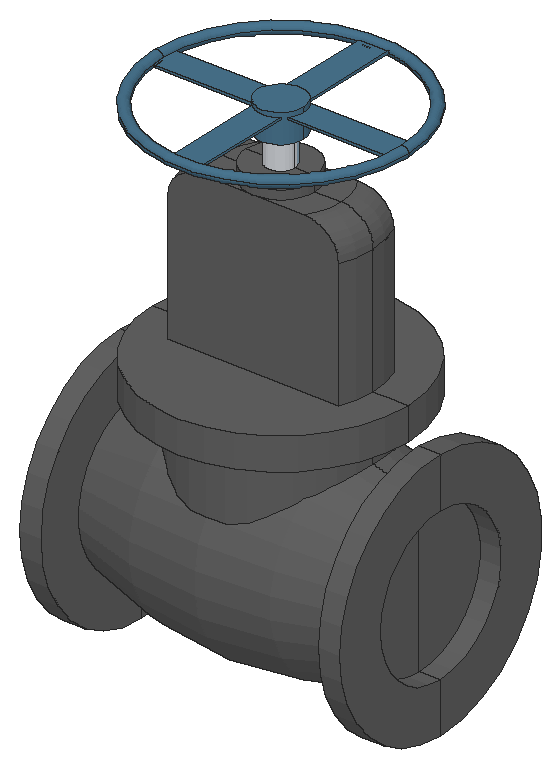
Revit family "661", category Pipe Accessories, Revit 2018
Family settings
  Round Connector Dimension = Use Diameter
  Part Type = Valve - Breaks Into
  Work Plane-Based = No
  Always vertical = Yes
  Cut with Voids When Loaded = No
  Shared = No
Parameters (values of type "661 Globe Valve")
  pipe rad [instance] = Pipe Diameter / 2  # 3.3125"
  pad fillet [instance] = 0.205"  # constant formula
  fillet02 [instance] = 0.379"  # constant formula
  fillet01 [instance] = 0.847"  # constant formula
  curve [instance] = HB1 + 6.635"  # 10.885"
  center of handle [instance] = H8 - HND1  # 16.771"
  Weight [instance] = size_lookup(LookupTable, "Weight", "NA", Nominal Diameter)  # "176 lbs."
  WD1 [instance] = size_lookup(LookupTable, "WD1", 0.000", Nominal Diameter)  # 10.750"
  URL = "http://www.fnw.com"
  Standards Lookup Table = "Standards"  # constant formula
  R2 [instance] = size_lookup(LookupTable, "R2", 0.000", Nominal Diameter)  # 3.5125"
  Product ID [instance] = size_lookup(LookupTable, "ProductID", "NA", Nominal Diameter)  # "3505625"
  Pipe Diameter [instance] = size_lookup(Standards Lookup Table, "pipe_dia", 0.000", Nominal Diameter)  # 6.625"
  Part Number [instance] = size_lookup(LookupTable, "PartNumber", "NA", Nominal Diameter)  # "FNW661U"
  Nominal Diameter [instance] = 6"
  MT [instance] = 0.089"  # constant formula
  LookupTable [instance] = "661 Globe Valve"  # constant formula
  L4 [instance] = 0.060"  # constant formula
  L3 [instance] = size_lookup(LookupTable, "L3", 0.000", Nominal Diameter)  # 8.075"
  L2 [instance] = size_lookup(LookupTable, "L2", 0.000", Nominal Diameter)  # 2.0225"
  L1 [instance] = size_lookup(LookupTable, "L1", 0.000", Nominal Diameter)  # 0.940"
  HND1 [instance] = 0.229"  # constant formula
  HB1 [instance] = size_lookup(LookupTable, "HB1", 0.000", Nominal Diameter)  # 4.250"
  H8 [instance] = size_lookup(LookupTable, "H8", 0.000", Nominal Diameter)  # 17.000"
  H7 [instance] = size_lookup(LookupTable, "H7", 0.000", Nominal Diameter)  # 15.750"
  H4 [instance] = size_lookup(LookupTable, "H4", 0.000", Nominal Diameter)  # 14.500"
  H3 [instance] = size_lookup(LookupTable, "H3", 0.000", Nominal Diameter)  # 14.250"
  H2 [instance] = size_lookup(LookupTable, "H2", 0.000", Nominal Diameter)  # 6.910"
  H1 [instance] = size_lookup(LookupTable, "H1", 0.000", Nominal Diameter)  # 5.500"
  Description BOM [instance] = size_lookup(LookupTable, "Description_BOM", "NA", Nominal Diameter)  # "6 Cast Iron 125# Flanged GLOBE Valve"
  DIF_Curve [instance] = DIF_Center + HB1  # 16.250"
  DIF_Center [instance] = 12.000"  # constant formula
  D7 [instance] = size_lookup(LookupTable, "D7", 0.000", Nominal Diameter)  # 10.750"
  D6 [instance] = size_lookup(LookupTable, "D6", 0.000", Nominal Diameter)  # 1.250"
  D5 [instance] = size_lookup(LookupTable, "D5", 0.000", Nominal Diameter)  # 1.250"
  D4 [instance] = size_lookup(LookupTable, "D4", 0.000", Nominal Diameter)  # 3.000"
  D3 [instance] = size_lookup(LookupTable, "D3", 0.000", Nominal Diameter)  # 1.250"
  D2 [instance] = size_lookup(LookupTable, "D2", 0.000", Nominal Diameter)  # 2.000"
  D1 [instance] = size_lookup(LookupTable, "D1", 0.000", Nominal Diameter)  # 11.180"
  Curve [instance] = 4.000"  # constant formula
  Angle [instance] = 120.00°  # constant formula
  120A = 120.00°  # constant formula
Reference planes (in)
  plane 1 "Center (Front/Back)": y = 0
  plane 2: z = 0
  plane 3 "Center (Left/Right)": x = 0
  plane 4: y = 1.5
  plane 5: y = -1.5
  plane 6: x = -7
  plane 7: x = -6.06
  plane 8: x = -4.0375
  plane 9: x = 7
  plane 10: x = 6.06
  plane 11: x = 4.0375
  plane 12: z = -4.25
  plane 13: z = 3.3125
  plane 14: z = 3.5125
  plane 15: z = 5.5
  plane 16 "pad top": z = 6.91
  plane 17: x = -5.59
  plane 18: x = 5.59
  plane 19: x = 0.7463
  plane 20: x = -0.7463
  plane 21: z = 4.25
  plane 22: z = 4.25
  plane 23: z = -6.63454
  plane 24: z = 0.4913
  plane 25: z = 0.6163
  plane 26 "plane c": z = -12
  plane 27: z = 14.25
  plane 28: x = -1.5
  plane 29: x = 1.5
  plane 30: z = 14.5
  plane 31: x = -0.625
  plane 32: x = 0.625
  plane 33: z = 17
  plane 34: z = 15.75
  plane 35 "handle center": z = 16.771
  plane 36: z = 16.8155
  plane 37: z = 16.7265
  plane 38: x = -1
  plane 39: x = 1
  plane 40: x = -0.625
  plane 41: x = 0.625
Forms (in)
  Revolve 1, solid, material "Iron, Gray Cast ASTM A48 Grade 60"
    sketch origin (0, 0, 0) x (1, 0, 0) y (0, 0, 1)
      loop
        line (-6.06, 0) -> (6.06, 0) -> (6.06, 3.5125)
        arc (6.06, 3.5125) -> (0, 4.68474) -> (-6.06, 3.5125) r 16.25
        line (-6.06, 3.5125) -> (-6.06, 0)
      axis (6.06, 0) -> (-6.06, 0)
    angle from 0 to 360
  Revolve 2, solid, material "Iron, Gray Cast ASTM A48 Grade 60"
    sketch origin (0, 0, 0) x (1, 0, 0) y (0, 0, 1)
      loop
        line (-4.0375, 5.5) -> (-4.0375, 0) -> (0, 0) -> (0, 5.5) -> (-4.0375, 5.5)
      axis (0, 5.5) -> (0, 0)
    angle from 0 to 360
  Revolve 3, solid, material "Iron, Gray Cast ASTM A48 Grade 60"
    sketch origin (0, 0, 0) x (1, 0, 0) y (0, 0, 1)
      loop
        line (-5.59, 6.91) -> (-5.59, 5.5) -> (0, 5.5) -> (0, 6.91) -> (-5.59, 6.91)
      axis (0, 6.91) -> (0, 5.5)
    angle from 0 to 360
  Revolve 4, solid, material "Iron, Gray Cast ASTM A48 Grade 60"
    sketch origin (0, 0, 0) x (1, 0, 0) y (0, 0, 1)
      loop
        line (-7, 5.5) -> (-7, 3.3125) -> (-6.06, 3.3125) -> (-6.06, 5.5) -> (-7, 5.5)
      loop
        line (7, 5.5) -> (6.06, 5.5) -> (6.06, 3.3125) -> (7, 3.3125) -> (7, 5.5)
      axis (7, 0) -> (-7, 0)
    angle from 0 to 360
  Extrusion 5, solid, material "Iron, Gray Cast ASTM A48 Grade 60"
    sketch origin (0, 0, 0) x (1, 0, 0) y (0, 1, 0)
      loop
        arc (-3.8325, 1.5) -> (-3.97746, 1.43996) -> (-4.0375, 1.295) r 0.205
        line (-4.0375, 1.295) -> (-4.0375, -1.295)
        arc (-4.0375, -1.295) -> (-3.97746, -1.43996) -> (-3.8325, -1.5) r 0.205
        line (-3.8325, -1.5) -> (3.8325, -1.5)
        arc (3.8325, -1.5) -> (3.97746, -1.43996) -> (4.0375, -1.295) r 0.205
        line (4.0375, -1.295) -> (4.0375, 1.295)
        arc (4.0375, 1.295) -> (3.97746, 1.43996) -> (3.8325, 1.5) r 0.205
        line (3.8325, 1.5) -> (-3.8325, 1.5)
    from 6.91 to 14.25
  Revolve 6, solid, material "Iron, Gray Cast ASTM A48 Grade 60"
    sketch origin (0, 0, 0) x (1, 0, 0) y (0, 0, 1)
      loop
        line (0, 14.5) -> (0, 14.25) -> (1.5, 14.25) -> (1.5, 14.5) -> (0, 14.5)
      axis (0, 14.5) -> (0, 14.25)
    angle from 0 to 360
  Extrusion 7, solid, material "Lever Handle Blue"
    sketch origin (0, 0, 8.20062) x (-1, 0, 0) y (0, -1, 0)
      loop
        circle (0, 0) r 1
    from 7.54938 to 8.79938
  Extrusion 8, solid, material "Lever Handle Blue"
    sketch origin (-0.13253, 0, 5.65774) x (-1, 0, 0) y (0, -1, 0)
      loop
        line (0.49247, -5.375) -> (0.49247, -0.625) -> (5.24247, -0.625) -> (5.24247, 0.625) -> (0.49247, 0.625) -> (0.49247, 5.375) -> (-0.75753, 5.375) -> (-0.75753, 0.625) -> (-5.50753, 0.625) -> (-5.50753, -0.625) -> (-0.75753, -0.625) -> (-0.75753, -5.375) -> (0.49247, -5.375)
    from 11.06876 to 11.15776
  Revolve 9, solid
    sketch origin (0, 0, 0) x (1, 0, 0) y (0, 0, 1)
      loop
        line (0, 15.75) -> (0, 14.5) -> (0.625, 14.5) -> (0.625, 15.75) -> (0, 15.75)
      axis (0, 15.75) -> (0, 14.5)
    angle from 0 to 360
  Sweep 10, solid, material "Lever Handle Blue"
    path in 3D
      loop
        arc (5.375, 0, 16.771) -> (0, 5.375, 16.771) -> (-5.375, 0, 16.771) r 5.375
        arc (-5.375, 0, 16.771) -> (0, -5.375, 16.771) -> (5.375, 0, 16.771) r 5.375
    profile origin (0, -5.375, 16.771) x (0, 1, 0) y (0, 0, 1)
      loop
        circle (0, 0) r 0.229
  Revolve 11, void
    sketch origin (0, 0, 0) x (1, 0, 0) y (0, 0, 1)
      loop
        line (1.5, 14.5) -> (1.5, 13.871) -> (2.65814, 13.871)
        arc (2.65814, 13.871) -> (3.63349, 13.46699) -> (4.0375, 12.49164) r 1.37936
        line (4.0375, 12.49164) -> (4.0375, 6.91) -> (5.59, 6.91) -> (5.59, 14.5) -> (1.5, 14.5)
      axis (0, 14.5) -> (0, 6.91)
    angle from 0 to 360
Cuts and joins
  Revolve 11 cuts Revolve 3
  Revolve 11 cuts Extrusion 5
  Revolve 11 cuts Revolve 6
Lines and regions (in)
  model lines
    curve 1: circle (0, 0, 16.771) r 5.375 normal (0, 0, 1)
  sketch lines
    curve 2: circle (0, 0, 16.771) r 5.375 normal (0, 0, 1)
Dimensions and locks (in)
  equal spacing: plane 11, plane 3 "Center (Left/Right)", plane 8
  "L3": plane 11 to plane 8
  "L2": plane 8 to plane 7
  "L2": plane 11 to plane 10
  "L1": plane 7 to plane 6
  "L1": plane 10 to plane 9
  "HB1": plane 2 to plane 12
  "pipe rad": plane 13 to plane 2
  "R2": plane 14 to plane 2
  "H1": plane 15 to plane 2
  "H2": plane 16 "pad top" to plane 2
  equal spacing: plane 17, plane 3 "Center (Left/Right)", plane 18
  "D1": plane 17 to plane 18
  "HB1": plane 21 to plane 2
  "HB1": plane 22 to plane 2
  plane 2 to plane 23 = 6.63454"
  "DIF_Curve": plane 21 to plane 26 "plane c"
  "DIF_Center": plane 2 to plane 26 "plane c"
  "D4": Extrusion 5 sketch curve to Extrusion 5 sketch curve
  Extrusion 5 sketch curve to Extrusion 5 sketch curve = 3.000"
  equal spacing: plane 5, plane 1 "Center (Front/Back)", plane 4
  "D4": plane 5 to plane 4
  "H3": plane 27 to plane 2
  equal spacing: plane 28, plane 3 "Center (Left/Right)", plane 29
  "D4": plane 28 to plane 29
  "H4": plane 30 to plane 2
  equal spacing: plane 31, plane 3 "Center (Left/Right)", plane 32
  "D5": plane 31 to plane 32
  "center of handle": plane 35 "handle center" to plane 2
  "H7": plane 34 to plane 2
  "H8": plane 33 to plane 2
  equal spacing: Extrusion 8 sketch curve, plane 1 "Center (Front/Back)", Extrusion 8 sketch curve  (x3)
  "D5": Extrusion 8 sketch curve to Extrusion 8 sketch curve  (x4)
  equal spacing: Extrusion 8 sketch curve, plane 3 "Center (Left/Right)", Extrusion 8 sketch curve  (x3)
  "WD1": Extrusion 8 sketch curve to Extrusion 8 sketch curve  (x2)
  equal spacing: plane 36, plane 35 "handle center", plane 37
  "MT": plane 36 to plane 37
  equal spacing: plane 39, plane 3 "Center (Left/Right)", plane 38
  "D2": plane 39 to plane 38
  equal spacing: plane 41, plane 3 "Center (Left/Right)", plane 40
  "D3": plane 41 to plane 40
  "fillet02": plane 27 to Revolve 11 sketch curve
  "DIF_Curve": radius of Revolve 1 sketch curve
  "pad fillet": radius of Extrusion 5 sketch curve  (x4)
  "D2": diameter of Extrusion 7 sketch curve
  "D7": diameter of curve 1
  "HND1": radius of Sweep 10 sketch curve
  radius of Revolve 11 sketch curve = 1.37936"
  aligned and locked: plane 2 to level
  aligned and locked: plane 2 to Revolve 1 sketch curve
  aligned and locked: Revolve 1 sketch curve to plane 10
  aligned and locked: plane 7 to Revolve 1 sketch curve
  aligned and locked: Revolve 2 sketch curve to plane 3 "Center (Left/Right)"
  aligned and locked: Revolve 2 sketch curve to plane 15
  aligned and locked: Revolve 3 sketch curve to plane 3 "Center (Left/Right)"  (x2)
  aligned and locked: Revolve 3 sketch curve to plane 16 "pad top"
  aligned and locked: Revolve 3 sketch curve to plane 17
  aligned and locked: plane 15 to Revolve 3 sketch curve
  aligned and locked: Revolve 2 sketch curve to plane 8
  aligned and locked: plane 2 to Revolve 2 sketch curve
  aligned and locked: Revolve 2 sketch curve to plane 2
  aligned and locked: Revolve 1 sketch curve to plane 2
  aligned and locked: plane 13 to Revolve 4 sketch curve
  aligned and locked: Revolve 4 sketch curve to plane 13
  aligned and locked: Revolve 4 sketch curve to plane 7
  aligned and locked: plane 6 to Revolve 4 sketch curve
  aligned and locked: Revolve 4 sketch curve to plane 15
  aligned and locked: Revolve 4 sketch curve to plane 10
  aligned and locked: plane 15 to Revolve 4 sketch curve
  aligned and locked: plane 9 to Revolve 4 sketch curve
  aligned and locked: Extrusion 5 to plane 16 "pad top"
  aligned and locked: Extrusion 5 to plane 8
  aligned and locked: plane 11 to Extrusion 5 sketch curve
  aligned and locked: plane 27 to Extrusion 5
  aligned and locked: Revolve 6 sketch curve to plane 30
  aligned and locked: plane 27 to Revolve 6 sketch curve
  aligned and locked: Revolve 6 sketch curve to plane 29
  aligned and locked: plane 3 "Center (Left/Right)" to Revolve 6 sketch curve
  aligned and locked: plane 33 to Extrusion 7
  aligned and locked: Extrusion 7 to plane 34
  aligned and locked: plane 34 to Extrusion 7
  aligned and locked: Extrusion 8 to plane 36
  aligned and locked: Extrusion 8 to plane 37
  aligned and locked: Extrusion 7 to Revolve 9 sketch curve
  aligned and locked: plane 3 "Center (Left/Right)" to Revolve 9 sketch curve
  aligned and locked: plane 30 to Revolve 9 sketch curve
  aligned and locked: Revolve 9 sketch curve to plane 41
  aligned and locked: plane 14 to Revolve 1 sketch curve
  aligned and locked: Revolve 11 sketch curve to plane 11
  aligned and locked: plane 18 to Revolve 11 sketch curve
  aligned and locked: Revolve 11 sketch curve to plane 16 "pad top"
  aligned and locked: plane 30 to Revolve 11 sketch curve
  aligned and locked: Revolve 11 sketch curve to plane 29
Automatic sketch dimensions
  Revolve 2 sketch curve to plane 3 "Center (Left/Right)" = 0.000"
  plane 12 to Revolve 2 sketch curve = 3.85586"
  Revolve 2 sketch curve to plane 14 = 0.02643"
  Revolve 3 sketch curve to plane 14 = 0.01883"
  Revolve 3 sketch curve to level = 0.13332"
  Revolve 4 sketch curve to level = 0.000"
  plane 8 to Revolve 4 sketch curve = 0.07873"
  Revolve 4 sketch curve to plane 28 = 0.08938"
  Revolve 6 sketch curve to plane 3 "Center (Left/Right)" = 0.000"
  Revolve 6 sketch curve to plane 27 = 0.250"
  plane 16 "pad top" to Revolve 6 sketch curve = 0.09208"
  Revolve 9 sketch curve to plane 3 "Center (Left/Right)" = 0.000"
  Revolve 9 sketch curve to plane 27 = 0.48614"
  plane 34 to Revolve 9 sketch curve = 0.0526"
  Revolve 1 sketch curve to plane 3 "Center (Left/Right)" = 0.000"  (x2)
  Revolve 1 sketch curve to plane 6 = 1.08287"
  Extrusion 5 sketch curve to plane 8 = 0.000"
  Extrusion 5 sketch curve to plane 5 = 0.000"
  plane 1 "Center (Front/Back)" to Extrusion 7 sketch curve = 0.000"
  Extrusion 7 sketch curve to plane 3 "Center (Left/Right)" = 0.000"
  plane 1 "Center (Front/Back)" to curve 1 = 0.000"
  curve 1 to plane 3 "Center (Left/Right)" = 0.000"
  Sweep 10 sketch curve to profile plane = 0.000"  (x2)
  Revolve 11 sketch curve to plane 3 "Center (Left/Right)" = 0.000"
  plane 16 "pad top" to Revolve 11 sketch curve = 1.95135"
  Revolve 11 sketch curve to plane 27 = 0.13865"
Connectors (in)
  piping at (-7, 0, 0), diameter 6, driven by "Nominal Diameter"
    settings: on Revolve 4, index 1, connector inside diameter 24", connector length 0.000", flow factor 0, pipe flow 0 GPM, pressure drop 0.00 psi, fitting loss kfactor 0, connector angle 0.00°, fixture units 0, engagement length 0.000", angle of deflection 0.00°, flow configuration 0, flow direction 0, fitting loss method 0, system type 29, joint type 0, gender type 0, connector reference index -1, connector utility 0, adjustable connector no, is connector primary yes, connector description ""
  piping at (7, 0, 0), diameter 6, driven by "Nominal Diameter"
    settings: on Revolve 4, index 2, connector inside diameter 24", connector length 0.000", flow factor 0, pipe flow 0 GPM, pressure drop 0.00 psi, fitting loss kfactor 0, connector angle 0.00°, fixture units 0, engagement length 0.000", angle of deflection 0.00°, flow configuration 0, flow direction 0, fitting loss method 0, system type 29, joint type 0, gender type 0, connector reference index -1, connector utility 0, adjustable connector no, is connector primary no, connector description ""
